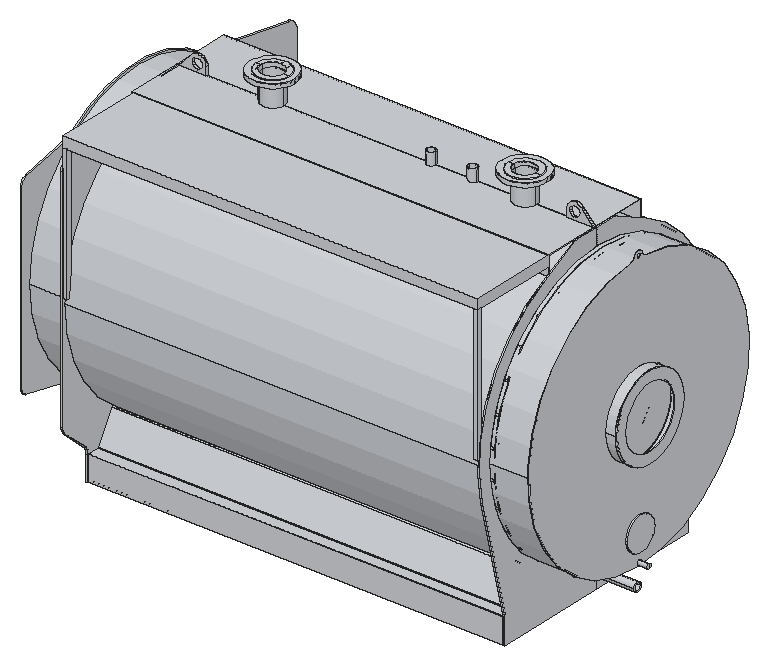
Revit family "BIMON_Котел_Водогрейный_TEMRON_WL1100", category Оборудование, Revit 2019
Family settings
  Размер круглого соединителя = Использовать диаметр
  Классификация = Нет
  Тип детали = Нормальный
  На основе рабочей плоскости = Нет
  Всегда вертикально = Да
  При загрузке вырезать с полостями = Нет
  Общий = Нет
  Точка расчета площади = Нет
Parameters
  УГО_Резмер [instance] = 0 mm
  УГО [instance] = yes
  Разработчик_Сайт = "https://www.bimon.ru/"
  Разработчик = "BIMON"  # constant formula
  Изготовитель = "Temron"  # constant formula
  URL = "https://temron.ru/catalog/temron-wl/main-wl/"
  TERMON_Расход уходящих газов = "1768 кг/ч"
  TEMRON_Теплопроизводительность = "1.1 МВт/0.945 (Гкал/ч)"
  TEMRON_Температура уходящих газов = "180-185 /185-190 °С"
  TEMRON_Температура на выходе из котла = "110 °С"
  TEMRON_Температура на входе в котёл = "60 °С"
  TEMRON_Сопротивление газового тракта = "7 мбар"
  TEMRON_Расход топлива для природного газа = "120.3 м³/ч"
  TEMRON_Расход воды через котел = "37.8 м³/ч"
  TEMRON_Номинальная производительность = "1.1 МВт"
  TEMRON_Максимальное рабочее давление = "0.6 МПа"
  TEMRON_Максимальная температура пара = 110 mm
  TEMRON_КПД = "92.4 %"
  TEMRON_Водяной объём котла = "1.3 м³"
  D5_Уходящие газы = 400 mm  # constant formula
  D4_Дренажный патрубок газового котла = 15 mm  # constant formula
  D3_Дренажный патрубок = 32 mm  # constant formula
  D2_Аварийная линия = 32 mm  # constant formula
  D1_Выход теплоносителя = 125 mm  # constant formula
  D1_Вход теплоносителя = 125 mm  # constant formula
  ADSK_Этаж [instance] = ""
  ADSK_Расход жидкости [instance] = 0.0 L/s
  ADSK_Расход воздуха [instance] = 0.0 L/s
  ADSK_Примечание [instance] = ""
  ADSK_Позиция [instance] = ""
  ADSK_Обозначение = ADSK_Марка  # "WL 950"
  ADSK_Наименование краткое [instance] = "Котел низкого давления"
  ADSK_Наименование = "Водогрейный котел низкого давления"
  ADSK_Материал = none
  ADSK_Масса_Текст = "2001"
  ADSK_Масса = 2001  # constant formula
  ADSK_Марка = "WL 950"  # constant formula
  ADSK_Количество = 1  # constant formula
  ADSK_Код изделия = ""
  ADSK_Завод-изготовитель = "Temron"  # constant formula
  ADSK_Единица измерения = "шт"  # constant formula
  ADSK_URL страницы изделия = "https://temron.ru/catalog/temron-wl/vodogreynye-kotly-nizkogo-davleniya-temron-wl-1100/"
Reference planes
  plane 1 "По центру (Вперед/Назад)": y = 0
  plane 2: z = 0
  plane 3 "По центру (Влево/Вправо)": x = 0
  plane 4: z = 1423
  plane 5: z = 1552
  plane 6: z = 1554
  plane 7: z = 1408.288
  plane 8: z = 830
  plane 9: z = 830
  plane 10: z = 830
  plane 11: z = 830
  plane 12: z = 1408.288
  plane 13: z = 830
  plane 14: z = 830
  plane 15: x = -255
Forms (mm)
  Extrusion 1, solid, detail levels fine
    sketch origin (0, 0, -220) x (0, 1, 0) y (0, 0, 1)
      loop
        circle (0, 1050) r 641
      loop
        circle (0, 1050) r 635
    from -1250 to 740
  Extrusion 2, solid, detail levels fine
    sketch origin (-1260, 1234.069, 980) x (0, 1, 0) y (0, 0, 1)
      loop
        circle (-1236.366, -150) r 642
      loop
        circle (-1236.366, -150) r 636
    from 0 to -10
  Extrusion 3, solid, detail levels fine
    sketch origin (-1260, 1234.069, 980) x (0, 1, 0) y (0, 0, 1)
      loop
        circle (-1234.069, -150) r 635
      loop
        circle (-1234.069, -150) r 140
    from 0 to -1
  Extrusion 4, solid, detail levels fine
    sketch origin (748.214, 1168.888, 980) x (0, 1, 0) y (0, 0, 1)
      loop
        circle (-1168.888, -150) r 565
      loop
        circle (-1168.888, -150) r 590
    from 0 to 10
  Extrusion 5, solid, detail levels fine
    sketch origin (748, 1168.888, 980) x (0, 1, 0) y (0, 0, 1)
      loop
        circle (-1168.888, -150) r 635
      loop
        circle (-1168.888, -150) r 180
    from 0 to 10
  Extrusion 6, solid, detail levels fine
    sketch origin (-1260, 1234.069, 1355) x (0, 1, 0) y (0, 0, 1)
      loop
        line (-684.069, -1235) -> (-724.069, -1235) -> (-724.069, -1238.9)
        arc (-724.069, -1238.9) -> (-723.044, -1241.375) -> (-720.569, -1242.4) r 3.5
        line (-720.569, -1242.4) -> (-695.069, -1242.4)
        arc (-695.069, -1242.4) -> (-690.473, -1244.304) -> (-688.569, -1248.9) r 6.5
        line (-688.569, -1248.9) -> (-688.569, -1341.1)
        arc (-688.569, -1341.1) -> (-690.473, -1345.696) -> (-695.069, -1347.6) r 6.5
        line (-695.069, -1347.6) -> (-720.569, -1347.6)
        arc (-720.569, -1347.6) -> (-723.044, -1348.625) -> (-724.069, -1351.1) r 3.5
        line (-724.069, -1351.1) -> (-724.069, -1355) -> (-684.069, -1355) -> (-684.069, -1235)
      loop
        line (-1784.069, -1235) -> (-1784.069, -1355) -> (-1744.069, -1355) -> (-1744.069, -1351.1)
        arc (-1744.069, -1351.1) -> (-1745.094, -1348.625) -> (-1747.569, -1347.6) r 3.5
        line (-1747.569, -1347.6) -> (-1773.069, -1347.6)
        arc (-1773.069, -1347.6) -> (-1777.665, -1345.696) -> (-1779.569, -1341.1) r 6.5
        line (-1779.569, -1341.1) -> (-1779.569, -1248.9)
        arc (-1779.569, -1248.9) -> (-1777.665, -1244.304) -> (-1773.069, -1242.4) r 6.5
        line (-1773.069, -1242.4) -> (-1747.569, -1242.4)
        arc (-1747.569, -1242.4) -> (-1745.094, -1241.375) -> (-1744.069, -1238.9) r 3.5
        line (-1744.069, -1238.9) -> (-1744.069, -1235) -> (-1784.069, -1235)
    from 10 to 2000
  Sweep 7, solid, detail levels fine
    path origin (0, 0, -374.979) x (1, 0, 0) y (0, 0, 1)
      loop
        line (600, 579.979) -> (600, 529.979)
        arc (600, 529.979) -> (621.967, 476.946) -> (675, 454.979) r 75
        line (675, 454.979) -> (945, 454.979)
    profile origin (600, 0, 180) x (0, -1, 0) y (1, 0, 0)
      loop
        circle (0, 0) r 21
      loop
        circle (0, 0) r 18
  Extrusion 8, solid, detail levels fine
    sketch origin (-1260, 1234.069, 980) x (0, 1, 0) y (0, 0, 1)
      loop
        circle (-1236.366, -150) r 690
      loop
        circle (-1236.366, -150) r 691
    from 0 to 2000
  Extrusion 9, solid, detail levels fine
    sketch origin (-1260, 1234.069, 808) x (0, 1, 0) y (0, 0, 1)
      loop
        line (-957.069, 615) -> (-957.069, 746) -> (-1233.069, 746) -> (-1233.069, 730) -> (-1231.069, 730) -> (-1231.069, 744) -> (-959.069, 744) -> (-959.069, 615) -> (-957.069, 615)
      loop
        line (-1237.065, 730) -> (-1235.065, 730) -> (-1235.065, 746) -> (-1511.069, 746) -> (-1511.069, 615) -> (-1509.069, 615) -> (-1509.069, 744) -> (-1237.065, 744) -> (-1237.065, 730)
    from 2000 to 0
  Extrusion 10, solid, detail levels fine
    sketch origin (-1260, 1234.069, 1355) x (0, 1, 0) y (0, 0, 1)
      loop
        line (-1783.069, -1232) -> (-1783.069, -1235) -> (-1728.077, -1235)
        arc (-1728.077, -1235) -> (-1724.077, -1233.928) -> (-1721.149, -1231) r 8
        line (-1721.149, -1231) -> (-1643.009, -1095.672)
        arc (-1643.009, -1095.672) -> (-1639.954, -1093.337) -> (-1636.145, -1093.861) r 5
        line (-1636.145, -1093.861) -> (-1602.004, -1113.572) -> (-1600.504, -1110.974) -> (-1634.726, -1091.216)
        arc (-1634.726, -1091.216) -> (-1640.776, -1090.451) -> (-1645.607, -1094.172) r 8
        line (-1645.607, -1094.172) -> (-1723.739, -1229.5)
        arc (-1723.739, -1229.5) -> (-1725.569, -1231.33) -> (-1728.069, -1232) r 5
        line (-1728.069, -1232) -> (-1783.069, -1232)
      loop
        line (-685.069, -1232) -> (-740.069, -1232)
        arc (-740.069, -1232) -> (-742.569, -1231.33) -> (-744.399, -1229.5) r 5
        line (-744.399, -1229.5) -> (-822.531, -1094.172)
        arc (-822.531, -1094.172) -> (-827.362, -1090.451) -> (-833.412, -1091.216) r 8
        line (-833.412, -1091.216) -> (-867.634, -1110.974) -> (-866.134, -1113.572) -> (-831.993, -1093.861)
        arc (-831.993, -1093.861) -> (-828.184, -1093.337) -> (-825.129, -1095.672) r 5
        line (-825.129, -1095.672) -> (-746.989, -1231)
        arc (-746.989, -1231) -> (-744.061, -1233.928) -> (-740.061, -1235) r 8
        line (-740.061, -1235) -> (-685.069, -1235) -> (-685.069, -1232)
    from 10 to 2000
  Revolve 11, solid, detail levels fine
    sketch origin (0, 0, -220) x (1, 0, 0) y (0, 0, 1)
      loop
        line (-1263, 650) -> (-1263, 642) -> (456, 642)
        spline (456, 642) -> (484.142, 645.688) -> (511.54, 656.578) -> (537.641, 674.288) -> (562.047, 698.353) -> (584.455, 728.291) -> (604.576, 763.581) -> (622.14, 803.63) -> (636.89, 847.782) -> (648.609, 895.304) -> (657.114, 945.411) -> (662.271, 997.264) -> (664, 1050)
        line (664, 1050) -> (656, 1050)
        spline (656, 1050) -> (654.289, 997.79) -> (649.185, 946.472) -> (640.776, 896.927) -> (629.205, 850) -> (614.671, 806.495) -> (597.421, 767.157) -> (577.752, 732.659) -> (556, 703.59) -> (532.537, 680.448) -> (507.764, 663.63) -> (482.105, 653.422) -> (456, 650)
        line (456, 650) -> (-1263, 650)
      axis (-1263, 1050) -> (664, 1050)
    angle from 0 to 360
  Revolve 12, solid, detail levels fine
    sketch origin (0, 0, -220) x (1, 0, 0) y (0, 0, 1)
      loop
        line (758, 1396) -> (554, 1396) -> (572.625, 1363.74) -> (758, 1363.74) -> (758, 1382.442) -> (758, 1396)
      axis (554, 1050) -> (758, 1050)
    angle from 0 to 360
  Extrusion 13, solid, detail levels fine
    sketch origin (-4188.688, -1524, 1009) x (-1, 0, 0) y (0, -1, 0)
      loop
        circle (-4143.688, -1524) r 20.95
      loop
        circle (-4143.688, -1524) r 19.45
    from 448 to 600
  Extrusion 14, void
    sketch origin (-1702.942, -1524, 1445.37) x (0, -1, 0) y (-1, 0, 0)
      loop
        circle (-1524, -2107.815) r 54
      loop
        circle (-1524, -557.815) r 136.964
    from -354.315 to 69.71
  Revolve 15, solid, detail levels fine
    sketch origin (0, 0, -220) x (1, 0, 0) y (0, 0, 1)
      loop
        line (784.575, 1238.5) -> (638.657, 1238.5) -> (638.657, 1050) -> (646.657, 1050) -> (646.657, 1229.503) -> (784.575, 1229.503) -> (784.575, 1238.5)
      axis (784.575, 1050) -> (638.657, 1050)
    angle from 0 to 360
  Extrusion 16, solid, detail levels fine
    sketch origin (404.873, 0, 791) x (1, 0, 0) y (0, 1, 0)
      loop
        circle (0, 0) r 107.5
    from 896 to 875
  Revolve 17, solid, detail levels fine
    sketch origin (404.873, 0, 1475.63) x (1, 0, 0) y (0, 0, 1)
      loop
        line (-54, 190.37) -> (-54, 212.37) -> (-78.906, 212.37) -> (-81.906, 209.37) -> (-107.5, 209.37) -> (-107.5, 190.37) -> (-54, 190.37)
      axis (0, 212.37) -> (0, 190.37)
    angle from 0 to 360
  Extrusion 18, solid, detail levels fine
    sketch origin (-1570, 0, 830) x (0, 1, 0) y (0, 0, 1)
      loop
        circle (0, 0) r 658
      loop
        circle (0, 0) r 652
    from 123 to 300
  Revolve 19, solid, detail levels fine
    sketch origin (-1570, 0, 830) x (1, 0, 0) y (0, 0, 1)
      loop
        line (300, -652) -> (300, -622) -> (239.893, -622) -> (126, -622)
        arc (126, -622) -> (123.879, -622.879) -> (123, -625) r 3
        line (123, -625) -> (123, -652) -> (300, -652)
      axis (123, 0) -> (300, 0)
    angle from 0 to 360
  Extrusion 20, solid, detail levels fine
    sketch origin (-1447, 0, 830) x (0, 1, 0) y (0, 0, 1)
      loop
        line (415.235, -522.528) -> (668.259, -469.138)
        arc (668.259, -469.138) -> (691.067, -455.196) -> (700, -430) r 40
        line (700, -430) -> (700, 430)
        arc (700, 430) -> (691.067, 455.196) -> (668.259, 469.138) r 40
        line (668.259, 469.138) -> (415.235, 522.529)
        arc (415.235, 522.529) -> (404.986, 525.879) -> (395.694, 531.349) r 50
        arc (395.694, 531.349) -> (0, 662.5) -> (-395.694, 531.349) r 662.5
        arc (-395.694, 531.349) -> (-404.986, 525.879) -> (-415.235, 522.529) r 50
        line (-415.235, 522.529) -> (-668.259, 469.138)
        arc (-668.259, 469.138) -> (-691.067, 455.196) -> (-700, 430) r 40
        line (-700, 430) -> (-700, -430)
        arc (-700, -430) -> (-691.067, -455.196) -> (-668.259, -469.138) r 40
        line (-668.259, -469.138) -> (-415.235, -522.528)
        arc (-415.235, -522.528) -> (-404.986, -525.879) -> (-395.694, -531.349) r 50
        arc (-395.694, -531.349) -> (0, -662.5) -> (395.694, -531.349) r 662.5
        arc (395.694, -531.349) -> (404.986, -525.879) -> (415.235, -522.528) r 50
      loop
        circle (0, 0) r 140
    from 0 to -8
  Extrusion 21, solid, detail levels fine
    sketch origin (-1165.3, -1524, 1863.003) x (0, 0, 1) y (0, -1, 0)
      loop
        circle (-1033.003, -1524) r 185
      loop
        circle (-1033.003, -1524) r 205
    from -297.736 to -289.7
  Extrusion 22, solid, detail levels fine
    sketch origin (-1173.336, -1524, 1863.003) x (0, 0, 1) y (0, -1, 0)
      loop
        circle (-1033.003, -1524) r 205
    from -301.664 to -289.7
  Extrusion 23, solid, detail levels fine
    sketch origin (1015, 0, 829.999) x (0, -1, 0) y (0, 0, 1)
      loop
        circle (0, 0) r 652
      loop
        circle (0, 0) r 655
    from 68 to 252
  Revolve 24, solid, detail levels fine
    sketch origin (1525, 0, 830) x (-1, 0, 0) y (0, 0, 1)
      loop
        line (749, -652.499) -> (749, -625.499)
        arc (749, -625.499) -> (749.293, -624.792) -> (750, -624.499) r 1
        line (750, -624.499) -> (762, -624.499) -> (762, -622.499) -> (750, -622.499)
        arc (750, -622.499) -> (747.879, -623.378) -> (747, -625.499) r 3
        line (747, -625.499) -> (747, -652.499) -> (749, -652.499)
      axis (747, 0) -> (762, 0)
    angle from 0 to 360
  Extrusion 25, solid, detail levels fine
    sketch origin (947, 0, 830) x (0, -1, 0) y (0, 0, 1)
      loop
        circle (0, 0) r 200
      loop
        circle (0, -515) r 65
      loop
        arc (-24.651, 672.767) -> (-32.65, 663.081) -> (-44.352, 658.508) r 25
        arc (-44.352, 658.508) -> (0, -660) -> (44.352, 658.508) r 660
        arc (44.352, 658.508) -> (32.65, 663.081) -> (24.651, 672.767) r 25
        line (24.651, 672.767) -> (20.392, 681.9)
        arc (20.392, 681.9) -> (0, 694.891) -> (-20.392, 681.9) r 22.5
        line (-20.392, 681.9) -> (-24.651, 672.767)
      loop
        circle (0, 672.391) r 12.5
    from 0 to -3
  Extrusion 26, solid, detail levels fine
    sketch origin (947, 0, 830) x (0, -1, 0) y (0, 0, 1)
      loop
        circle (0, 0) r 195
      loop
        circle (0, 0) r 198
    from -3 to -53
  Extrusion 27, solid, detail levels fine
    sketch origin (947, 0, 830) x (0, -1, 0) y (0, 0, 1)
      loop
        circle (0, 0) r 200
      loop
        circle (0, 0) r 150
    from -59 to -53
  Revolve 28, solid, detail levels fine
    sketch origin (1525, 0, 830) x (-1, 0, 0) y (0, 0, 1)
      loop
        line (745, -622.499) -> (745, -652.499) -> (765, -652.499) -> (765, -622.499) -> (745, -622.499)
      axis (745, 0) -> (765, 0)
    angle from 0 to 360
  Extrusion 29, solid, detail levels fine
    sketch origin (650, 0, 1636.988) x (-1, 0, 0) y (0, 0, 1)
      loop
        line (-30.78, -18.84) -> (-90, -85.988) -> (-90, -165.988) -> (40, -165.988) -> (40, -45.988)
        arc (40, -45.988) -> (13.936, -8.1) -> (-30.78, -18.84) r 40.606
      loop
        circle (0, -45.988) r 25
    from -5 to 5
  Extrusion 30, solid, detail levels fine
    sketch origin (-805, 0, 1459) x (1, 0, 0) y (0, 1, 0)
      loop
        circle (0, 0) r 50
      loop
        circle (0, 0) r 54
    from 0 to 211.37
  Extrusion 31, solid, detail levels fine
    sketch origin (-805, 0, 791) x (1, 0, 0) y (0, 1, 0)
      loop
        circle (0, 0) r 107.5
      loop
        circle (0, 0) r 62.5
    from 896 to 875
  Revolve 32, solid, detail levels fine
    sketch origin (-805, 0, 1475.63) x (1, 0, 0) y (0, 0, 1)
      loop
        line (-54, 190.37) -> (-54, 212.37) -> (-78.906, 212.37) -> (-81.906, 209.37) -> (-107.5, 209.37) -> (-107.5, 190.37) -> (-54, 190.37)
      axis (0, 212.37) -> (0, 190.37)
    angle from 0 to 360
  Extrusion 33, solid, detail levels fine
    sketch origin (750, 3521.357, 2224.673) x (0, -1, 0) y (0, 0, -1)
      loop
        line (3521.357, 2224.673) -> (3521.357, 2169.673)
        arc (3521.357, 2169.673) -> (3546.357, 2144.673) -> (3521.357, 2119.673) r 25
        line (3521.357, 2119.673) -> (3521.357, 2035.673)
        arc (3521.357, 2035.673) -> (4162.357, 1394.673) -> (3521.357, 753.673) r 641
        line (3521.357, 753.673) -> (3521.357, 670.673) -> (3621.357, 670.673)
        arc (3621.357, 670.673) -> (3632.114, 671.844) -> (3642.367, 675.302) r 50
        line (3642.367, 675.302) -> (3815.494, 759.47)
        arc (3815.494, 759.47) -> (4151.669, 1090.196) -> (4201.769, 1559.113) r 700
        line (4201.769, 1559.113) -> (4072.756, 2092.936)
        arc (4072.756, 2092.936) -> (4071.708, 2098.767) -> (4071.357, 2104.681) r 50
        line (4071.357, 2104.681) -> (4071.357, 2224.673) -> (3521.357, 2224.673)
    from -2 to -10
  Extrusion 34, solid, detail levels fine
    sketch origin (-1260, -1234.069, 980) x (0, -1, 0) y (0, 0, -1)
      loop
        line (-1234.069, 980) -> (-1784.069, 980) -> (-1784.069, 860.008)
        arc (-1784.069, 860.008) -> (-1788.371, 839.717) -> (-1800.538, 822.917) r 50
        line (-1800.538, 822.917) -> (-1917.6, 717.09)
        arc (-1917.6, 717.09) -> (-1929.767, 700.291) -> (-1934.069, 680) r 50
        line (-1934.069, 680) -> (-1934.069, -420)
        arc (-1934.069, -420) -> (-1922.457, -452.037) -> (-1893.013, -469.194) r 50
        line (-1893.013, -469.194) -> (-1343.013, -573.193)
        arc (-1343.013, -573.193) -> (-1338.559, -573.798) -> (-1334.069, -574) r 50
        line (-1334.069, -574) -> (-1234.069, -574) -> (-1234.069, -491)
        arc (-1234.069, -491) -> (-1875.069, 150) -> (-1234.069, 791) r 641
        line (-1234.069, 791) -> (-1234.069, 980)
    from 0 to 10
  Extrusion 35, solid, detail levels fine
    sketch origin (950, 0, 775) x (0, 1, 0) y (0, 0, 1)
      loop
        circle (0, -460) r 80
      loop
        circle (0, -387.5) r 4.75
      loop
        circle (62.787, -496.25) r 4.75
      loop
        circle (-62.787, -496.25) r 4.75
    from 0 to 13
  Extrusion 36, solid, detail levels fine
    sketch origin (404.873, 0, 1459) x (1, 0, 0) y (0, 1, 0)
      loop
        circle (0, 0) r 50
      loop
        circle (0, 0) r 54
    from 0 to 211.37
  Extrusion 37, solid, detail levels fine
    sketch origin (-3988.688, -1524, 1009) x (-1, 0, 0) y (0, -1, 0)
      loop
        circle (-4143.688, -1524) r 20.95
      loop
        circle (-4143.688, -1524) r 19.45
    from 448 to 600
  Sweep 38, solid, detail levels fine
    path origin (-87.676, 0, 327.193) x (0.985926, 0, 0.167181) y (-0.167181, 0, 0.985926)
      loop
        line (-1181.48, 1163.24) -> (-1218.103, 1184.385)
    profile origin (-1466.821, 0, 1283.903) x (-0.34818, 0, -0.937428) y (0, -1, 0)
      loop
        circle (0, 0.103) r 24
  Sweep 39, solid, detail levels fine
    path origin (-69.786, 0, 320.548) x (0.985926, 0, 0.167181) y (-0.167181, 0, 0.985926)
      loop
        line (-1234.63, 1193.927) -> (-1265.068, 1211.5)
    profile origin (-1503.116, 0, 1297.383) x (-0.34818, 0, -0.937428) y (0, -1, 0)
      loop
        circle (0, 0) r 30
  Extrusion 40, solid, detail levels fine
    sketch origin (-1160, 0, 1636.988) x (1, 0, 0) y (0, 0, -1)
      loop
        arc (-30.78, 18.84) -> (13.936, 8.1) -> (40, 45.988) r 40.606
        line (40, 45.988) -> (40, 165.988) -> (-90, 165.988) -> (-90, 85.988) -> (-30.78, 18.84)
      loop
        circle (0, 45.988) r 25
    from -5 to 5
  Extrusion 41, solid, detail levels fine
    sketch origin (-1260, 1234.069, 980) x (0, 1, 0) y (0, 0, 1)
      loop
        line (-1234.069, -980) -> (-1234.069, -791)
        arc (-1234.069, -791) -> (-1875.069, -150) -> (-1234.069, 491) r 641
        line (-1234.069, 491) -> (-1234.069, 574) -> (-1334.069, 574)
        arc (-1334.069, 574) -> (-1338.559, 573.798) -> (-1343.013, 573.193) r 50
        line (-1343.013, 573.193) -> (-1893.013, 469.194)
        arc (-1893.013, 469.194) -> (-1922.457, 452.037) -> (-1934.069, 420) r 50
        line (-1934.069, 420) -> (-1934.069, -680)
        arc (-1934.069, -680) -> (-1929.767, -700.291) -> (-1917.6, -717.09) r 50
        line (-1917.6, -717.09) -> (-1800.538, -822.917)
        arc (-1800.538, -822.917) -> (-1788.371, -839.717) -> (-1784.069, -860.008) r 50
        line (-1784.069, -860.008) -> (-1784.069, -980) -> (-1234.069, -980)
    from 0 to 10
  Extrusion 42, solid, detail levels fine
    sketch origin (750, -3521.357, 2224.673) x (0, 1, 0) y (0, 0, 1)
      loop
        line (3521.357, -2224.673) -> (4071.357, -2224.673) -> (4071.357, -2104.681)
        arc (4071.357, -2104.681) -> (4071.708, -2098.767) -> (4072.756, -2092.936) r 50
        line (4072.756, -2092.936) -> (4201.769, -1559.113)
        arc (4201.769, -1559.113) -> (4151.669, -1090.196) -> (3815.494, -759.47) r 700
        line (3815.494, -759.47) -> (3642.367, -675.302)
        arc (3642.367, -675.302) -> (3632.114, -671.844) -> (3621.357, -670.673) r 50
        line (3621.357, -670.673) -> (3521.357, -670.673) -> (3521.357, -753.673)
        arc (3521.357, -753.673) -> (4162.357, -1394.673) -> (3521.357, -2035.673) r 641
        line (3521.357, -2035.673) -> (3521.357, -2119.673)
        arc (3521.357, -2119.673) -> (3546.357, -2144.673) -> (3521.357, -2169.673) r 25
        line (3521.357, -2169.673) -> (3521.357, -2224.673)
    from -2 to -10
  Extrusion 43, solid, detail levels fine
    sketch origin (-1260, -1148.997, 814) x (0, -1, 0) y (0, 0, -1)
      loop
        line (-871.997, -740) -> (-448.997, -740) -> (-448.997, -690) -> (-871.997, -690) -> (-871.997, -740)
    from 10 to 2000
  Extrusion 44, solid, detail levels fine
    sketch origin (-1307.815, -75.015, 1474) x (-1, 0, 0) y (0, -1, 0)
      loop
        line (-57.815, 624.985) -> (-77.815, 624.985) -> (-77.815, 604.985) -> (-57.815, 604.985) -> (-57.815, 624.985)
      loop
        line (-2027.815, 624.985) -> (-2047.815, 624.985) -> (-2047.815, 604.985) -> (-2027.815, 604.985) -> (-2027.815, 624.985)
    from -616 to 30
  Revolve 45, solid, detail levels fine
    sketch origin (-1301.916, 0, 830) x (1, 0, 0) y (0, 0, 1)
      loop
        line (-145.084, 140) -> (31.916, 140) -> (31.916, 652) -> (-145.084, 652) -> (-145.084, 140)
      axis (31.916, 0) -> (-145.084, 0)
    angle from 0 to 360
  Revolve 46, solid
    sketch origin (174, 0, 18.679) x (1, 0, 0) y (0, 0, 1)
      loop
        line (776, 169.32) -> (826, 169.32) -> (826, 179.32) -> (776, 179.32) -> (776, 169.32)
      axis (776, 169.32) -> (826, 169.32)
    angle from 0 to 360
Cuts and joins
  Extrusion 14 cuts Revolve 17
  Extrusion 14 cuts Extrusion 16
Lines and regions (mm)
  model lines, detail levels coarse+medium
    curve 1: line (-1555, 0, 2130) -> (1045, 0, 2130)
    curve 2: line (-1555, 0, -470) -> (-1555, 0, 2130)
    curve 3: line (1045, 0, -470) -> (-1555, 0, -470)
    curve 4: line (1045, 0, 2130) -> (1045, 0, -470)
Dimensions and locks
  plane 9 to level = 830 mm
  plane 10 to level = 830 mm
  plane 11 to level = 830 mm
  Revolve 45 sketch curve to Revolve 45 sketch curve = 140 mm
  Revolve 45 sketch curve to Revolve 45 sketch curve = 652 mm
  diameter of Extrusion 4 sketch curve = 1130 mm
  aligned and locked: level to plane 2
  aligned and locked: Extrusion 6 to Extrusion 1
  aligned and locked: Extrusion 1 to Extrusion 6
  aligned and locked: Extrusion 20 to Sweep 38 sketch curve
Nested families
  nested 1: "Надпись_Temron_крышка_WL1100" at (-1455, -306, 1160) x (0, -1, 0) z (1, 0, 0), type "Надпись_Temron_крышка_WL1100", detail levels fine
  nested 2: "Надпись_Temron_бак_WL1100" at (-255, -2.297, 830) x (-1, 0, 0) z (0, 0, 1), type "Надпись_Temron_бак_WL1100", detail levels fine
  nested 3: "УГО_Котел_Разрез" at (-255, 96.113, 0), visible <- "УГО", type "УГО_Котел_Разрез", detail levels coarse+medium
    with H 2600 mm
Connectors
  piping at (1000, 0, 187.999), diameter 15, driven by "D4_Дренажный патрубок газового котла"
    settings: on Revolve 46, index 13, connector inside diameter 609.6 mm, connector length 0 mm, flow factor 0, pipe flow 0.0 L/s, pressure drop 0.0 Pa, fitting loss kfactor 0, connector angle 0.00°, fixture units 0, engagement length 0 mm, angle of deflection 0.00°, flow configuration 1, flow direction 1, fitting loss method 0, system type 29, joint type 0, gender type 0, connector reference index -1, connector utility 0, adjustable connector no, is connector primary yes, connector description ""
  piping at (945, 0, 80), diameter 32, driven by "D3_Дренажный патрубок"
    settings: on Sweep 7, index 14, connector inside diameter 609.6 mm, connector length 0 mm, flow factor 0, pipe flow 0.0 L/s, pressure drop 0.0 Pa, fitting loss kfactor 0, connector angle 0.00°, fixture units 0, engagement length 0 mm, angle of deflection 0.00°, flow configuration 1, flow direction 1, fitting loss method 0, system type 29, joint type 0, gender type 0, connector reference index -1, connector utility 0, adjustable connector no, is connector primary no, connector description ""
  piping at (404.873, 0, 1670.37), diameter 125, driven by "D1_Вход теплоносителя"
    settings: on Extrusion 36, index 15, connector inside diameter 609.6 mm, connector length 0 mm, flow factor 0, pipe flow 0.0 L/s, pressure drop 0.0 Pa, fitting loss kfactor 0, connector angle 0.00°, fixture units 0, engagement length 0 mm, angle of deflection 0.00°, flow configuration 0, flow direction 0, fitting loss method 0, system type 29, joint type 0, gender type 0, connector reference index -1, connector utility 0, adjustable connector no, is connector primary no, connector description ""
  piping at (155, 0, 1609), diameter 32, driven by "D2_Аварийная линия"
    settings: on Extrusion 37, index 16, connector inside diameter 609.6 mm, connector length 0 mm, flow factor 0, pipe flow 0.0 L/s, pressure drop 0.0 Pa, fitting loss kfactor 0, connector angle 0.00°, fixture units 0, engagement length 0 mm, angle of deflection 0.00°, flow configuration 0, flow direction 0, fitting loss method 0, system type 29, joint type 0, gender type 0, connector reference index -1, connector utility 0, adjustable connector no, is connector primary no, connector description ""
  piping at (-45, 0, 1609), diameter 32, driven by "D2_Аварийная линия"
    settings: on Extrusion 13, index 17, connector inside diameter 609.6 mm, connector length 0 mm, flow factor 0, pipe flow 0.0 L/s, pressure drop 0.0 Pa, fitting loss kfactor 0, connector angle 0.00°, fixture units 0, engagement length 0 mm, angle of deflection 0.00°, flow configuration 0, flow direction 0, fitting loss method 0, system type 29, joint type 0, gender type 0, connector reference index -1, connector utility 0, adjustable connector no, is connector primary no, connector description ""
  piping at (-805, 0, 1670.37), diameter 125, driven by "D1_Выход теплоносителя"
    settings: on Extrusion 30, index 18, connector inside diameter 609.6 mm, connector length 0 mm, flow factor 0, pipe flow 0.0 L/s, pressure drop 0.0 Pa, fitting loss kfactor 0, connector angle 0.00°, fixture units 0, engagement length 0 mm, angle of deflection 0.00°, flow configuration 0, flow direction 0, fitting loss method 0, system type 29, joint type 0, gender type 0, connector reference index -1, connector utility 0, adjustable connector no, is connector primary no, connector description ""
  hvac at (1006, 0, 830), driven by "D5_Уходящие газы"
    settings: on Extrusion 27, index 19, duct flow 0.0 L/s, flow factor 0, pres drop 0.0 Pa, loss coef 0, conn angle 0.00°, conn width 304.8 mm, conn height 304.8 mm, conn diameter 400 mm, duct sys type 29, conn prof type 0, flow config 1, flow direction 2, loss method 0, conn ref index -1, conn util no, is conn primary yes, conn desc ""
Definition of nested family "Надпись_Temron_крышка_WL1100"
  Parameters (values of type "Надпись_Temron_крышка_WL800")
    Default Elevation = 1219.2 mm
    Красный = none
    Белый = none
  Reference planes
    plane 1 "По центру (Вперед/Назад)": y = 0
    plane 2: z = 0
    plane 3 "По центру (Влево/Вправо)": x = 0
    plane 4: z = -0.5
    plane 5: z = -1
  Forms (mm)
    Extrusion 1, solid
      sketch origin (0, 0, 0) x (1, 0, 0) y (0, 1, 0)
        loop
          line (-1219.2, 1219.2) -> (-1219.2, -1219.2) -> (1300.204, -1219.2) -> (1300.204, 1219.2) -> (-1219.2, 1219.2)
      from 0 to -304.8
    Extrusion 2, solid, material <- "Белый"
      sketch origin (0, 0, 0) x (1, 0, 0) y (0, 1, 0)
        loop
          line (-150, 36.22) -> (-150, -36.22) -> (150, -36.22) -> (150, 36.22) -> (-150, 36.22)
      from -0.5 to 0
    Extrusion 3, solid, material <- "Красный"
      sketch origin (0, 0, 0) x (1, 0, 0) y (0, 1, 0)
        loop
          line (-150, -21.546) -> (-107.313, -21.546) -> (-107.313, -12.491) -> (-120.248, -12.491) -> (-120.248, 22.435) -> (-125.422, 22.435) -> (-131.89, 22.435) -> (-131.89, -12.491) -> (-150, -12.491) -> (-150, -21.546)
        loop
          line (-100.647, -21.546) -> (-69.471, -21.546) -> (-69.471, -12.491) -> (-90.168, -12.491) -> (-90.168, -3.436) -> (-72.058, -3.436) -> (-72.058, 4.325) -> (-90.168, 4.325) -> (-90.168, 13.38) -> (-69.471, 13.38) -> (-69.471, 22.435) -> (-100.647, 22.435) -> (-100.647, -21.546)
        loop
          line (-61.763, -21.546) -> (-49.852, -21.546) -> (-37.893, -4.466) -> (-25.526, -21.546) -> (-13.901, -21.546) -> (-13.901, 22.435) -> (-13.901, 36.22) -> (-25.543, 36.22) -> (-25.543, -3.436) -> (-34.749, 9.279) -> (-41.217, 9.279) -> (-50.12, -3.436) -> (-50.12, 22.435) -> (-61.763, 22.435) -> (-61.763, -21.546)
        loop
          line (-4.868, -21.546) -> (20.529, -21.546)
          spline (20.529, -21.546) -> (23.36, -20.809) -> (25.985, -19.266) -> (28.246, -17.012) -> (30.005, -14.181) -> (31.157, -10.946) -> (31.631, -7.503) -> (31.399, -4.059) -> (30.475, -0.824) -> (28.914, 2.006) -> (26.812, 4.261) -> (24.295, 5.804) -> (21.516, 6.541)
          line (21.516, 6.541) -> (32.646, 22.435) -> (21.16, 22.435) -> (12.54, 10.124)
          arc (12.54, 10.124) -> (8.195, 8.649) -> (5.481, 12.35) r 3.881
          line (5.481, 12.35) -> (5.481, 22.435) -> (-4.868, 22.435) -> (-4.868, -21.546)
        loop
          line (89.798, -21.546) -> (100.146, -21.546) -> (120.809, 7.963) -> (120.809, -21.546) -> (132.451, -21.546) -> (132.451, 22.435) -> (117.814, 22.435) -> (101.44, -0.95) -> (101.44, 22.435) -> (89.798, 22.435) -> (89.798, -21.546)
        loop
          line (5.481, 0) -> (5.481, -11.642) -> (14.679, -11.642)
          arc (14.679, -11.642) -> (20.5, -5.821) -> (14.679, 0) r 5.821
          line (14.679, 0) -> (5.481, 0)
        loop
          spline (59.714, -13.38) -> (62.728, -12.924) -> (65.535, -11.587) -> (67.947, -9.461) -> (69.797, -6.69) -> (70.96, -3.463) -> (71.356, 0) -> (70.96, 3.463) -> (69.797, 6.69) -> (67.947, 9.461) -> (65.535, 11.587) -> (62.728, 12.924) -> (59.714, 13.38)
          spline (59.714, 13.38) -> (56.701, 12.924) -> (53.893, 11.587) -> (51.482, 9.461) -> (49.632, 6.69) -> (48.469, 3.463) -> (48.072, 0) -> (48.469, -3.463) -> (49.632, -6.69) -> (51.482, -9.461) -> (53.893, -11.587) -> (56.701, -12.924) -> (59.714, -13.38)
        loop
          spline (59.714, -22.435) -> (65.406, -21.671) -> (70.71, -19.429) -> (75.264, -15.864) -> (78.759, -11.217) -> (80.956, -5.807) -> (81.705, 0) -> (80.956, 5.807) -> (78.759, 11.217) -> (75.264, 15.864) -> (70.71, 19.429) -> (65.406, 21.671) -> (59.714, 22.435)
          spline (59.714, 22.435) -> (54.023, 21.671) -> (48.719, 19.429) -> (44.165, 15.864) -> (40.67, 11.217) -> (38.473, 5.807) -> (37.724, 0) -> (38.473, -5.807) -> (40.67, -11.217) -> (44.165, -15.864) -> (48.719, -19.429) -> (54.023, -21.671) -> (59.714, -22.435)
      from -0.5 to -1
  Dimensions and locks
    level to plane 4 = 0.5 mm
    level to plane 5 = 1 mm
    aligned and locked: plane 2 to Extrusion 1
    aligned and locked: level to Extrusion 1
    aligned and locked: level to Extrusion 2
    aligned and locked: Extrusion 2 to plane 4
    aligned and locked: Extrusion 2 to Extrusion 3
    aligned and locked: Extrusion 3 to plane 5
Definition of nested family "Надпись_Temron_бак_WL1100"
  Parameters (values of type "Надпись_Temron_бак_WL800")
    Default Elevation = 1219.2 mm
    Красный = none
  Reference planes
    plane 1 "По центру (Вперед/Назад)": y = 0
    plane 2: z = 0
    plane 3 "По центру (Влево/Вправо)": x = 0
    plane 4: x = -600
    plane 5: x = 600
    plane 6: z = 150
    plane 7: z = -150
    plane 8: y = -300
  Forms (mm)
    Extrusion 1, solid, material <- "Красный"
      sketch origin (4267.2, -300, 603.455) x (0, 0, 1) y (1, 0, 0)
        loop
          line (-418.455, -5007.2) -> (-418.455, -3527.2) -> (-788.455, -3527.2) -> (-788.455, -4315.716) -> (-724.405, -4315.716) -> (-500.949, -4315.716) -> (-500.949, -4374.783) -> (-587.727, -4437.613) -> (-500.949, -4498.375) -> (-500.949, -4558.889) -> (-724.405, -4558.889) -> (-724.405, -4499.739) -> (-592.96, -4499.739) -> (-657.564, -4454.503) -> (-657.564, -4421.641) -> (-592.96, -4374.866) -> (-788.455, -4374.866) -> (-788.455, -5007.2) -> (-546.955, -5007.2) -> (-546.955, -4915.189) -> (-724.405, -4915.189) -> (-724.405, -4856.039) -> (-546.955, -4856.039) -> (-546.955, -4790.316) -> (-500.949, -4790.316) -> (-500.949, -5007.2) -> (-418.455, -5007.2)
        loop
          line (-500.949, -4756.449) -> (-500.949, -4598.053) -> (-546.955, -4598.053) -> (-546.955, -4703.208) -> (-592.96, -4703.208) -> (-592.96, -4611.197) -> (-632.394, -4611.197) -> (-632.394, -4703.208) -> (-678.399, -4703.208) -> (-678.399, -4598.053) -> (-724.405, -4598.053) -> (-724.405, -4756.449) -> (-500.949, -4756.449)
        loop
          line (-724.405, -4269.821) -> (-500.949, -4269.821) -> (-500.949, -4140.786)
          spline (-500.949, -4140.786) -> (-504.693, -4126.404) -> (-512.531, -4113.067) -> (-523.987, -4101.581) -> (-538.369, -4092.641) -> (-554.805, -4086.79) -> (-572.299, -4084.381) -> (-589.794, -4085.561) -> (-606.23, -4090.257) -> (-620.611, -4098.185) -> (-632.068, -4108.866) -> (-639.905, -4121.653) -> (-643.65, -4135.771)
          line (-643.65, -4135.771) -> (-724.405, -4079.226) -> (-724.405, -4137.579) -> (-661.858, -4181.375)
          arc (-661.858, -4181.375) -> (-654.363, -4203.455) -> (-673.167, -4217.243) r 19.717
          line (-673.167, -4217.243) -> (-724.405, -4217.243) -> (-724.405, -4269.821)
        loop
          arc (-551.268, -4170.511) -> (-580.843, -4140.936) -> (-610.418, -4170.511) r 29.575
          line (-610.418, -4170.511) -> (-610.418, -4217.243) -> (-551.268, -4217.243) -> (-551.268, -4170.511)
        loop
          spline (-542.438, -3941.696) -> (-544.754, -3926.387) -> (-551.545, -3912.121) -> (-562.349, -3899.871) -> (-576.428, -3890.471) -> (-592.824, -3884.562) -> (-610.418, -3882.546) -> (-628.013, -3884.562) -> (-644.409, -3890.471) -> (-658.488, -3899.871) -> (-669.291, -3912.121) -> (-676.083, -3926.387) -> (-678.399, -3941.696)
          spline (-678.399, -3941.696) -> (-676.083, -3957.006) -> (-669.291, -3971.272) -> (-658.488, -3983.522) -> (-644.409, -3992.922) -> (-628.013, -3998.831) -> (-610.418, -4000.847) -> (-592.824, -3998.831) -> (-576.428, -3992.922) -> (-562.349, -3983.522) -> (-551.545, -3971.272) -> (-544.754, -3957.006) -> (-542.438, -3941.696)
        loop
          spline (-496.432, -3941.696) -> (-500.316, -3912.779) -> (-511.703, -3885.833) -> (-529.818, -3862.693) -> (-553.425, -3844.937) -> (-580.917, -3833.776) -> (-610.418, -3829.969) -> (-639.92, -3833.776) -> (-667.412, -3844.937) -> (-691.019, -3862.693) -> (-709.133, -3885.833) -> (-720.521, -3912.779) -> (-724.405, -3941.696)
          spline (-724.405, -3941.696) -> (-720.521, -3970.614) -> (-709.133, -3997.56) -> (-691.019, -4020.7) -> (-667.412, -4038.456) -> (-639.92, -4049.617) -> (-610.418, -4053.424) -> (-580.917, -4049.617) -> (-553.425, -4038.456) -> (-529.818, -4020.7) -> (-511.703, -3997.56) -> (-500.316, -3970.614) -> (-496.432, -3941.696)
        loop
          line (-724.405, -3788.85) -> (-500.949, -3788.85) -> (-500.949, -3736.272) -> (-650.876, -3631.292) -> (-500.949, -3631.292) -> (-500.949, -3572.142) -> (-724.405, -3572.142) -> (-724.405, -3646.507) -> (-605.594, -3729.7) -> (-724.405, -3729.7) -> (-724.405, -3788.85)
      from 0 to -462.513
    Extrusion 2, void
      sketch origin (0, 366.649, -506.998) x (0, 1, 0) y (0, 0, 1)
        loop
          circle (-366.649, 506.998) r 621.5
      from -1351.217 to 1540.529
    Extrusion 3, void
      sketch origin (0, 0, 0) x (0, 1, 0) y (0, 0, 1)
        loop
          circle (0, 0) r 622.5
        loop
          circle (0, 0) r 860
      from -1499.991 to 995.39
  Cuts and joins
    Extrusion 2, Extrusion 3 cuts Extrusion 1
  Dimensions and locks
    plane 5 to plane 3 "По центру (Влево/Вправо)" to plane 4 = 600 mm, 600 mm
    plane 6 to level = 150 mm
    level to plane 7 = 150 mm
    plane 8 to plane 1 "По центру (Вперед/Назад)" = 300 mm
    aligned and locked: level to plane 2
Definition of nested family "УГО_Котел_Разрез"
  Parameters (values of type "УГО_Котел_Разрез")
    H [instance] = 250 mm
  Reference planes
    plane 1 "По центру (Вперед/Назад)": y = 0
    plane 2: z = 0
    plane 3 "По центру (Влево/Вправо)": x = 0
  Lines and regions (mm)
    detail lines, in view "Опорный уровень"
      curve 1: line (-125, 125, 0) -> (125, 125, 0)
      curve 2: line (-125, -125, 0) -> (-125, 125, 0)
      curve 3: line (125, -125, 0) -> (-125, -125, 0)
      curve 4: line (125, 125, 0) -> (125, -125, 0)
  Dimensions and locks
    equal spacing: curve 2, plane 3 "По центру (Влево/Вправо)", curve 4
    equal spacing: curve 3, plane 1 "По центру (Вперед/Назад)", curve 1
    "H": curve 1 to curve 3
    "H": curve 2 to curve 4
